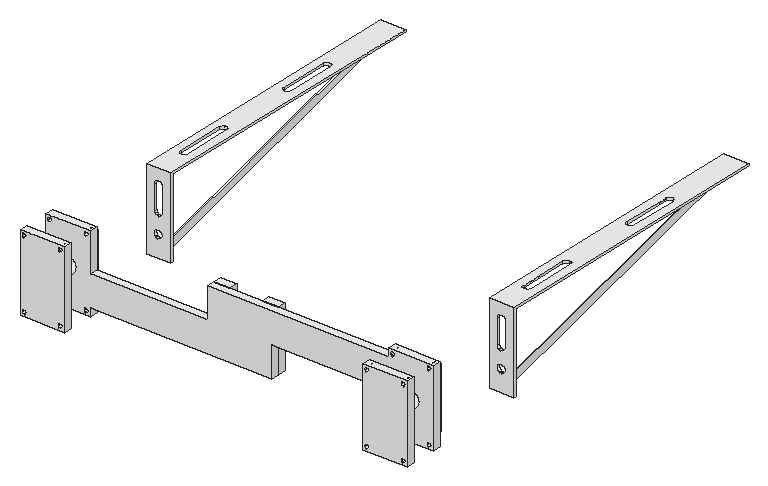
Revit family "Plumbing Fixture-Water_Closet_Carrier_Mifab_MC-55", category Plumbing Fixtures, host Wall, Revit 2013
Parameters
  Wall Thickness = 5"
  URL = "www.mifab.com"
  Model = "MC-55"
  Manufacturer = "MIFAB"
  Floor Drain Material = Paint - Sherwin Williams Paint - #952C2A - Bellwood Red
  Description = "Wall Mounted Lavatory Support With Exposed Arm And Backing Plates"
  DIST. WALL = 0"
  ADJ. RANGE = 21 1/4"
Reference planes (in)
  plane 1: y = 0
  plane 2 "Center (Left/Right)": x = -0.47711
  plane 3 "Back": y = 3
  plane 4: x = -11.10211
  plane 5: x = 10.14789
  plane 6: y = 3
  plane 7: y = -3
Forms (in)
  Extrusion 1, solid, material "Paint - Sherwin Williams Paint - #952C2A - Bellwood Red" <- "Floor Drain Material"
    sketch origin (8.73377, 2.28461, -1.29905) x (0, -1, 0) y (0, 0, 1)
      loop
        line (-18.88286, 15.90975) -> (-18.88286, 15.78475) -> (-0.84039, 15.78475) -> (-0.84039, 10.90975) -> (-0.71539, 10.90975) -> (-0.71539, 15.90975) -> (-18.88286, 15.90975)
    from -0.66402 to -2.16422
  Extrusion 2, solid, material "Paint - Sherwin Williams Paint - #952C2A - Bellwood Red" <- "Floor Drain Material"
    sketch origin (17.98377, 2.15961, -1.29905) x (0, -1, 0) y (0, 0, -1)
      loop
        line (-0.96539, -10.91317) -> (-19.00786, -15.78475) -> (-17.08974, -15.78475) -> (-0.96539, -11.43107) -> (-0.96539, -10.91317)
    from -7.83588 to -7.77328
  Extrusion 3, solid, material "Paint - Sherwin Williams Paint - #952C2A - Bellwood Red" <- "Floor Drain Material"
    sketch origin (-11.06268, 2.28461, -1.29905) x (0, -1, 0) y (0, 0, 1)
      loop
        line (-18.88286, 15.90975) -> (-18.88286, 15.78475) -> (-0.84039, 15.78475) -> (-0.84039, 10.90975) -> (-0.71539, 10.90975) -> (-0.71539, 15.90975) -> (-18.88286, 15.90975)
    from 0.78943 to -0.71057
  Extrusion 4, solid, material "Paint - Sherwin Williams Paint - #952C2A - Bellwood Red" <- "Floor Drain Material"
    sketch origin (-1.81268, 2.15961, -1.29905) x (0, -1, 0) y (0, 0, -1)
      loop
        line (-0.96539, -10.91317) -> (-19.00786, -15.78475) -> (-17.08974, -15.78475) -> (-0.96539, -11.43107) -> (-0.96539, -10.91317)
    from -9.28943 to -9.22672
  Extrusion 5, void
    sketch origin (-28.75956, 11.9713, 14.6107) x (1, 0, 0) y (0, -1, 0)
      loop
        arc (17.40747, 3.9713) -> (17.65746, 3.72131) -> (17.90745, 3.9713) r 0.24999
        line (17.90745, 3.9713) -> (17.90745, 6.9713)
        arc (17.90745, 6.9713) -> (17.6582, 7.22129) -> (17.40747, 6.97279) r 0.24999
        line (17.40747, 6.97279) -> (17.40747, 3.9713)
      loop
        arc (17.40747, -4.0287) -> (17.65746, -4.27869) -> (17.90745, -4.0287) r 0.24999
        line (17.90745, -4.0287) -> (17.90745, -1.0287)
        arc (17.90745, -1.0287) -> (17.65863, -0.77871) -> (17.40747, -1.02635) r 0.25
        line (17.40747, -1.02635) -> (17.40747, -4.0287)
      loop
        arc (38.65747, 3.9713) -> (38.90746, 3.72131) -> (39.15745, 3.9713) r 0.24999
        line (39.15745, 3.9713) -> (39.15745, 6.9713)
        arc (39.15745, 6.9713) -> (38.9082, 7.22129) -> (38.65747, 6.97279) r 0.24999
        line (38.65747, 6.97279) -> (38.65747, 3.9713)
      loop
        arc (38.65747, -4.0287) -> (38.90746, -4.27869) -> (39.15745, -4.0287) r 0.24999
        line (39.15745, -4.0287) -> (39.15745, -1.0287)
        arc (39.15745, -1.0287) -> (38.90863, -0.77871) -> (38.65747, -1.02635) r 0.25
        line (38.65747, -1.02635) -> (38.65747, -4.0287)
    from 0 to 0.125
  Extrusion 6, void
    sketch origin (8.73377, 4.375, 9.6107) x (0, 0, -1) y (1, 0, 0)
      loop
        arc (-4.07797, -19.58588) -> (-4.32797, -19.83588) -> (-4.07797, -20.08588) r 0.25
        line (-4.07797, -20.08588) -> (-2.57797, -20.08588)
        arc (-2.57797, -20.08588) -> (-2.32797, -19.83588) -> (-2.57797, -19.58588) r 0.25
        line (-2.57797, -19.58588) -> (-4.07797, -19.58588)
      loop
        circle (-1.32797, -19.83588) r 0.25
      loop
        arc (-4.07797, 1.66412) -> (-4.32797, 1.41412) -> (-4.07797, 1.16412) r 0.25
        line (-4.07797, 1.16412) -> (-2.57797, 1.16412)
        arc (-2.57797, 1.16412) -> (-2.32797, 1.41412) -> (-2.57797, 1.66412) r 0.25
        line (-2.57797, 1.66412) -> (-4.07797, 1.66412)
      loop
        circle (-1.32797, 1.41412) r 0.25
    from 0 to 2.11174
  Extrusion 7, solid, material "Paint - Sherwin Williams Paint - #952C2A - Bellwood Red" <- "Floor Drain Material"
    sketch origin (-72, -3, 62.6107) x (-1, 0, 0) y (0, 0, 1)
      loop
        line (-83.14789, -48.42203) -> (-83.14789, -52.17203) -> (-81.14789, -52.17203) -> (-81.14789, -48.42203) -> (-83.14789, -48.42203)
      loop
        line (-61.89789, -48.42203) -> (-61.89789, -52.17203) -> (-59.89789, -52.17203) -> (-59.89789, -48.42203) -> (-61.89789, -48.42203)
    from 0 to -0.5
  Extrusion 8, solid, material "Paint - Sherwin Williams Paint - #952C2A - Bellwood Red" <- "Floor Drain Material"
    sketch origin (-72, -3, 62.6107) x (-1, 0, 0) y (0, 0, 1)
      loop
        line (-83.52289, -47.92203) -> (-83.52289, -52.67203) -> (-80.77289, -52.67203) -> (-80.77289, -50.29703) -> (-73.52289, -50.29703) -> (-73.52289, -52.17203) -> (-62.27289, -52.17203) -> (-62.27289, -52.67203) -> (-59.52289, -52.67203) -> (-59.52289, -47.92203) -> (-62.27289, -47.92203) -> (-62.27289, -50.29703) -> (-69.52289, -50.29703) -> (-69.52289, -48.42203) -> (-80.77289, -48.42203) -> (-80.77289, -47.92203) -> (-83.52289, -47.92203)
    from -0.5 to -1
  Extrusion 9, solid, material "Paint - Sherwin Williams Paint - #952C2A - Bellwood Red" <- "Floor Drain Material"
    sketch origin (-72, -3.5, 62.6107) x (-1, 0, 0) y (0, 0, 1)
      loop
        line (-73.52289, -52.17203) -> (-72.52289, -52.17203) -> (-72.52289, -48.42203) -> (-73.52289, -48.42203) -> (-73.52289, -52.17203)
      loop
        line (-69.52289, -48.42203) -> (-70.52289, -48.42203) -> (-70.52289, -52.17203) -> (-69.52289, -52.17203) -> (-69.52289, -48.42203)
    from 0 to 0.5
  Extrusion 10, void
    sketch origin (-72, -3, 62.6107) x (1, 0, 0) y (0, 0, 1)
      loop
        circle (82.14789, -50.29703) r 0.5
      loop
        circle (81.02289, -48.17203) r 0.125
      loop
        circle (83.27289, -48.17203) r 0.125
      loop
        circle (81.02289, -52.42203) r 0.125
      loop
        circle (83.27289, -52.42203) r 0.125
      loop
        circle (60.89789, -50.29703) r 0.5
      loop
        circle (62.02289, -48.17203) r 0.125
      loop
        circle (59.77289, -48.17203) r 0.125
      loop
        circle (62.02289, -52.42203) r 0.125
      loop
        circle (59.77289, -52.42203) r 0.125
    from 0 to 12
  Extrusion 11, solid, material "Paint - Sherwin Williams Paint - #952C2A - Bellwood Red" <- "Floor Drain Material"
    sketch origin (-72, -3.5, 62.6107) x (-1, 0, 0) y (0, 0, 1)
      loop
        line (-83.52289, -47.92203) -> (-83.52289, -52.67203) -> (-80.77289, -52.67203) -> (-80.77289, -47.92203) -> (-83.52289, -47.92203)
      loop
        circle (-83.27289, -48.17203) r 0.125
      loop
        circle (-81.02289, -48.17203) r 0.125
      loop
        circle (-81.02289, -52.42203) r 0.125
      loop
        circle (-83.27289, -52.42203) r 0.125
      loop
        line (-59.52289, -52.67203) -> (-59.52289, -47.92203) -> (-62.27289, -47.92203) -> (-62.27289, -52.67203) -> (-59.52289, -52.67203)
      loop
        circle (-62.02289, -48.17203) r 0.125
      loop
        circle (-59.77289, -48.17203) r 0.125
      loop
        circle (-59.77289, -52.42203) r 0.125
      loop
        circle (-62.02289, -52.42203) r 0.125
    from -2 to -2.5
Cuts and joins
  Extrusion 5, Extrusion 6 cuts Extrusion 1
  Extrusion 5 cuts Extrusion 2
  joined: Extrusion 1, Extrusion 2
  Extrusion 5, Extrusion 6 cuts Extrusion 3
  Extrusion 5 cuts Extrusion 4
  joined: Extrusion 3, Extrusion 4
  Extrusion 10 cuts Extrusion 7
  Extrusion 10 cuts Extrusion 8
  joined: Extrusion 7, Extrusion 8
Text (in)
  text "Placement Side" at (0, 40.15149, 123.01588), in view "Right"
  text "Placement Side" at (-70.3804, 45.82615, 0), in view "Ref. Level"
  text "Placement Side" at (0, 47.49176, 113.10569), in view "Left"
Dimensions and locks (in)
  locked: plane 3 "Back" to host wall
  locked: Extrusion 1 sketch curve to Extrusion 1 sketch curve at 0.125  (x2)
  locked: Extrusion 1 sketch curve to Extrusion 1 sketch curve at 5
  Extrusion 1 sketch curve to Extrusion 1 sketch curve = 18.16747"
  Extrusion 2 sketch curve to Extrusion 2 sketch curve = 1/2"
  equal spacing: plane 4, plane 2 "Center (Left/Right)", plane 5
  locked: Extrusion 3 sketch curve to Extrusion 3 sketch curve at 0.125  (x2)
  locked: Extrusion 3 sketch curve to Extrusion 3 sketch curve at 5
  Extrusion 3 sketch curve to Extrusion 3 sketch curve = 18.16747"
  Extrusion 4 sketch curve to Extrusion 4 sketch curve = 1/2"
  "ADJ. RANGE": plane 4 to plane 5
  equal spacing: cut or joined group of Extrusion 1, Extrusion 2, Extrusion 5, Extrusion 6, plane 5, cut or joined group of Extrusion 1, Extrusion 2, Extrusion 5, Extrusion 6
  equal spacing: cut or joined group of Extrusion 3, Extrusion 4, Extrusion 5, Extrusion 6, plane 4, cut or joined group of Extrusion 3, Extrusion 4, Extrusion 5, Extrusion 6
  locked: cut or joined group of Extrusion 1, Extrusion 2, Extrusion 5, Extrusion 6 to cut or joined group of Extrusion 1, Extrusion 2, Extrusion 5, Extrusion 6 at 1.5002
  locked: cut or joined group of Extrusion 3, Extrusion 4, Extrusion 5, Extrusion 6 to cut or joined group of Extrusion 3, Extrusion 4, Extrusion 5, Extrusion 6 at 1.5
  equal spacing: Extrusion 6 sketch curve, plane 4, Extrusion 6 sketch curve
  locked: Extrusion 6 sketch curve to Extrusion 6 sketch curve at 0.5  (x2)
  equal spacing: Extrusion 6 sketch curve, plane 5, Extrusion 6 sketch curve
  "DIST. WALL": plane 3 "Back" to plane 6
  locked: Extrusion 5 sketch curve to Extrusion 5 sketch curve at 3  (x4)
  locked: Extrusion 5 sketch curve to plane 6 at 2  (x2)
  locked: Extrusion 5 sketch curve to Extrusion 5 sketch curve at 5  (x2)
  Extrusion 5 sketch curve to Extrusion 5 sketch curve = 1/2"  (x3)
  Extrusion 5 sketch curve to Extrusion 5 sketch curve = 0.49998"  (x2)
  locked: Extrusion 5 sketch curve to Extrusion 5 sketch curve at 0.49998
  locked: Extrusion 7 sketch curve to Extrusion 7 sketch curve at 2  (x2)
  equal spacing: Extrusion 7 sketch curve, plane 5, Extrusion 7 sketch curve
  locked: Extrusion 7 sketch curve to Extrusion 7 sketch curve at 3.75  (x2)
  locked: Extrusion 7 sketch curve to level at 0.42203
  equal spacing: Extrusion 7 sketch curve, plane 4, Extrusion 7 sketch curve
  locked: Extrusion 8 sketch curve to Extrusion 8 sketch curve at 4.75
  locked: Extrusion 8 sketch curve to Extrusion 8 sketch curve at 2.75  (x2)
  equal spacing: Extrusion 8 sketch curve, plane 5, Extrusion 8 sketch curve
  locked: Extrusion 7 to Extrusion 8 sketch curve at 0.5
  equal spacing: Extrusion 8 sketch curve, plane 4, Extrusion 8 sketch curve
  locked: plane 2 "Center (Left/Right)" to Extrusion 8 sketch curve at 2  (x2)
  locked: Extrusion 8 sketch curve to Extrusion 8 sketch curve at 0.5
  locked: Extrusion 8 sketch curve to Extrusion 8 sketch curve at 1.875
  locked: Extrusion 8 to Extrusion 9 sketch curve at 1
  locked: Extrusion 9 sketch curve to Extrusion 8 at 1
  locked: Extrusion 10 sketch curve to cut or joined group of Extrusion 7, Extrusion 8, Extrusion 10 at 1.875  (x2)
  locked: cut or joined group of Extrusion 7, Extrusion 8, Extrusion 10 to Extrusion 10 sketch curve at 0.25  (x12)
  locked: Extrusion 10 sketch curve to cut or joined group of Extrusion 7, Extrusion 8, Extrusion 10 at 0.25  (x4)
  diameter of Extrusion 6 sketch curve = 1/2"  (x2)
  diameter of Extrusion 10 sketch curve = 1"  (x2)
  diameter of Extrusion 10 sketch curve = 1/4"  (x4)
  aligned and locked: plane 5 to Extrusion 2
  aligned and locked: plane 7 to host wall
  aligned and locked: Extrusion 7 to host wall
  aligned and locked: Extrusion 8 sketch curve to Extrusion 8 sketch curve  (x5)
  aligned and locked: Extrusion 8 to Extrusion 7
  aligned and locked: Extrusion 9 sketch curve to Extrusion 8  (x3)
  aligned and locked: Extrusion 8 to Extrusion 9 sketch curve
  aligned and locked: Extrusion 9 to host wall
  aligned and locked: plane 4 to Extrusion 10 sketch curve
  aligned and locked: Extrusion 11 sketch curve to cut or joined group of Extrusion 7, Extrusion 8, Extrusion 10  (x21)
  aligned and locked: cut or joined group of Extrusion 3, Extrusion 4, Extrusion 5, Extrusion 6 to cut or joined group of Extrusion 3, Extrusion 4, Extrusion 5, Extrusion 6  (x2)
  aligned and locked: cut or joined group of Extrusion 1, Extrusion 2, Extrusion 5, Extrusion 6 to cut or joined group of Extrusion 1, Extrusion 2, Extrusion 5, Extrusion 6  (x2)
Automatic sketch dimensions
  Extrusion 1 sketch curve to level = 0"
  Extrusion 1 sketch curve to plane 6 = 0"
  Extrusion 2 sketch curve to level = 1/8"
  plane 6 to Extrusion 2 sketch curve = 18.16747"
  plane 6 to Extrusion 2 sketch curve = 1/8"
  Extrusion 2 sketch curve to level = 4.47868"
  Extrusion 3 sketch curve to level = 0"
  Extrusion 3 sketch curve to plane 6 = 0"
  Extrusion 4 sketch curve to level = 1/8"
  plane 6 to Extrusion 4 sketch curve = 18.16747"
  plane 6 to Extrusion 4 sketch curve = 1/8"
  Extrusion 4 sketch curve to level = 4.47868"
  plane 4 to Extrusion 5 sketch curve = 1/4"  (x2)
  plane 6 to Extrusion 5 sketch curve = 1.99851"
  plane 5 to Extrusion 5 sketch curve = 1/4"
  plane 4 to Extrusion 5 sketch curve = 0"  (x2)
  plane 5 to Extrusion 5 sketch curve = 0"
  Extrusion 6 sketch curve to level = 0.92203"  (x2)
  plane 4 to Extrusion 6 sketch curve = 0"
  plane 5 to Extrusion 6 sketch curve = 0"
  Extrusion 6 sketch curve to Extrusion 6 sketch curve = 1 1/2"  (x2)
  Extrusion 6 sketch curve to Extrusion 6 sketch curve = 1 1/4"  (x2)
  Extrusion 7 sketch curve to level = 0.42203"
  Extrusion 8 sketch curve to level = 0.42203"
  Extrusion 9 sketch curve to Extrusion 8 = 0"  (x2)
  Extrusion 8 to Extrusion 11 sketch curve = 0"
  Extrusion 7 to Extrusion 10 sketch curve = 1"
  radius of Extrusion 10 sketch curve = 1/8"  (x4)
